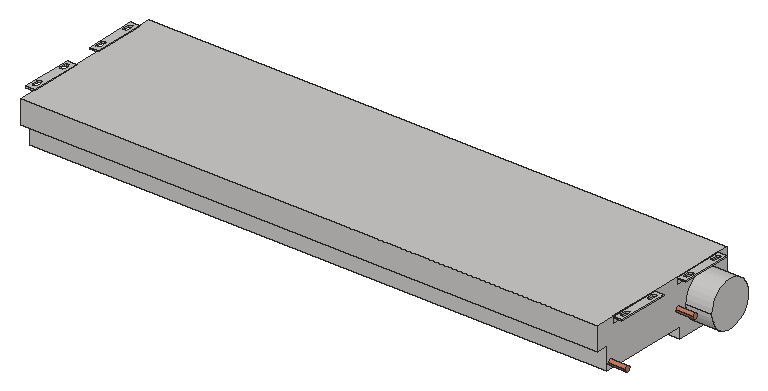
Revit family "HVAC-Chilled_Beam-Dadanco-ACB10", category Mechanical Equipment, Revit 2022
Family settings
  Round Connector Dimension = Use Radius
  Part Type = Normal
  OmniClass Number = 23.75.70.17.31
  OmniClass Title = Induction Units
  Work Plane-Based = No
  Always vertical = Yes
  Cut with Voids When Loaded = No
  Maintain Annotation Orientation = No
  Shared = No
  Room Calculation Point = No
Parameters (values of type "6' Nominal Length")
  Zone Name [instance] = ""
  Zone ID [instance] = ""
  Unit Width = 17 105/128"  # constant formula
  Unit Weight = if(Nominal Unit Length = 24", "27 lb", if(Nominal Unit Length = 36", "35 lb", if(Nominal Unit Length = 48", "42 lb", if(Nominal Unit Length = 60", "49 lb", if(Nominal Unit Length = 72", "56 lb", if(Nominal Unit Length = 84", "63 lb", if(Nominal Unit Length = 96", "70 lb", "0 lb")))))))  # "56 lb"
  Unit Tag = ""
  Unit Length = if(Nominal Unit Length = 24", 24", if(Nominal Unit Length = 36", 32", if(Nominal Unit Length = 48", 40", if(Nominal Unit Length = 60", 52", if(Nominal Unit Length = 72", 64", if(Nominal Unit Length = 84", 76", if(Nominal Unit Length = 96", 88", 12")))))))  # 64"
  Unit Height = 6 45/128"  # constant formula
  URL = "http://www.dadanco.com/"
  Type Comments = "Horizonatally Mounted Induction Unit"
  Tube Material = Metal-Dadanco-Copper-Satin
  Total Cooling Capacity = 0.0 Btu/h
  Supply Air = 0 CFM
  Sound Level dBA = ""
  Sound Level NC = ""
  Secondary Air Sensible Heating = 0.0 Btu/h
  Secondary Air Sensible Cooling = 0.0 Btu/h
  SHHW Temperature = 0 °F
  SHHW Temp Out = 0 °F
  SHHW Pressure Drop [instance] = HWPD  # 0.00 ftH2O
  SHHW Flow [instance] = HWF  # 0.0 GPM
  SCHW Temperature = 0 °F
  SCHW Temp Out = 0 °F
  SCHW Pressure Drop [instance] = CWPD  # 0.00 ftH2O
  SCHW Flow [instance] = CWF  # 0.0 GPM
  Revision Date = "1/29/2025"  # constant formula
  Product Page URL = ""
  Primary Air Static Pressure [instance] = PASP  # 0.00 in-wg
  Primary Air Radius = Primary Air Inlet Size / 2  # 2"
  Primary Air Inlet Top [instance] = no
  Primary Air Inlet Size = 4"
  Primary Air Inlet Right [instance] = yes
  Primary Air Inlet Left [instance] = no
  Primary Air Inlet Bottom [instance] = no
  Primary Air Inlet Back [instance] = no
  Primary Air Flow Rate [instance] = PA  # 0 CFM
  PASP = 0.00 in-wg
  PA = 0 CFM
  Overall Unit Length = Unit Length + 4"  # 68"
  Nozzle Configuration = ""
  Nominal Unit Length = 72"
  Net Unit Heating Sensible = 0.0 Btu/h
  Net Unit Cooling Sensible = 0.0 Btu/h
  Model Number = ""
  Latent Cooling = 0.0 Btu/h
  Keynote = "23 37 00.A1"
  Heating Supply Air Temperature = 0 °F
  Heating Room Dry Bulb = 0 °F
  Heating Primary Air Wet Bulb = 0 °F
  Heating Primary Air Dry Bulb = 0 °F
  HWPD = 0.00 ftH2O
  HWF = 0.0 GPM
  Default Elevation = 0"
  Cooling Supply Air Temperature = 0 °F
  Cooling Room Relative Humidity = 0
  Cooling Room Dry Bulb = 0 °F
  Cooling Primary Air Wet Bulb = 0 °F
  Cooling Primary Air Dry Bulb = 0 °F
  CWPD = 0.00 ftH2O
  CWF = 0.0 GPM
  Documentation Link = "https://www.dadanco.com/acb10"
  Coil Connection Right [instance] = yes
  Coil Connection Left [instance] = not(Coil Connection Right)  # no
  Model = "ACB10"  # constant formula
  Manufacturer = "Dadanco"  # constant formula
  Housing Material = Metal-Dadanco-Steel-Galvanized
  Description = "Active Chilled Beam"  # constant formula
  Architectural Design Manual = ""
  4 Pipe Coil Configuration Right [instance] = and([4 Pipe Coil Configuration], Coil Connection Right)  # no
  4 Pipe Coil Configuration Left [instance] = and([4 Pipe Coil Configuration], Coil Connection Left)  # no
  4 Pipe Coil Configuration = if([2 or 4 pipe] = 4, 1 = 1, 1 = 0)  # no
  2 or 4 pipe = 2
  2 Pipe Coil Configuration = if([2 or 4 pipe] = 2, 1 = 1, 1 = 0)  # yes
  Assembly Code = "D3040100"
Types (8): name | Unit Weight | Unit Length | Type Comments | Overall Unit Length | Nominal Unit Length | Keynote
  (no name) | "56 lb" | 64" | "Horizonatally Mounted Induction Unit" | 68" | 72" | "23 37 00.A1"
  4' Nominal Length | "42 lb" | 40" | 0" | 44" | 48" | 0"
  3' Nominal Length | "35 lb" | 32" | "Horizonatally Mounted Induction Unit" | 36" | 36" | "23 37 00.A1"
  5' Nominal Length | "49 lb" | 52" | "Horizonatally Mounted Induction Unit" | 56" | 60" | "23 37 00.A1"
  6' Nominal Length | "56 lb" | 64" | "Horizonatally Mounted Induction Unit" | 68" | 72" | "23 37 00.A1"
  2' Nominal Length | "27 lb" | 24" | "Horizonatally Mounted Induction Unit" | 28" | 24" | "23 37 00.A1"
  7' Nominal Length | "63 lb" | 76" | "Horizonatally Mounted Induction Unit" | 80" | 84" | "23 37 00.A1"
  8' Nominal Length | "70 lb" | 88" | "Horizonatally Mounted Induction Unit" | 92" | 96" | "23 37 00.A1"
Reference planes (in)
  plane 1 "Center (Front/Back)": y = 5.39627
  plane 2 "Center of Unit Height": z = -2.44
  plane 3 "Center (Left/Right)": x = 0.55581
  plane 4 "Nominal Right": x = 33.55581
  plane 5 "Unit Front": y = -3.92389
  plane 6 "Top Face": z = 0
  plane 7 "Nominal Left": x = -32.44419
  plane 8 "Left Face": x = -31.44419
  plane 9 "Right Face": x = 32.55581
  plane 10 "Left End of Coil": x = -30.69419
  plane 11 "Drain Pan Left End": x = -17.44419
  plane 12 "Drain Pan Right End": x = 18.55581
  plane 13 "bottom of plenum": z = -6.35
  plane 14 "Back Bracket": y = 12.68611
  plane 15 "Unit Back": y = 13.88611
  plane 16 "outlet": z = -2.59
  plane 17 "CHW_lower": z = -4.3
  plane 18 "CHW_Upper": z = -3.22
  plane 19 "back center": z = -3.18
  plane 20 "End_air_hor_ctr": y = 10.66611
  plane 21 "E_air_ctr": y = 10.35611
  plane 22 "F_air_ctr": z = -4.1
  plane 23 "dp_ctr": y = 3.5209
  plane 24 "coils1": y = 7.05611
  plane 25 "coils2": y = 4.55611
  plane 26 "coils3": y = 0.18111
  plane 27 "coils 4": y = -2.31889
  plane 28 "D_air_ctr": y = 11.13611
  plane 29 "frnt_brkt": y = 3.88611
Forms (in)
  Extrusion 1, solid, material "Metal-Dadanco-Steel-Galvanized" <- "Housing Material"
    sketch origin (0.55581, 0, 0) x (0, 1, 0) y (0, 0, 1)
      loop
        line (-3.93022, 0) -> (-3.93022, -2.59) -> (-2.67389, -2.59) -> (-2.67389, -5.09) -> (7.44611, -5.09) -> (7.44611, -6.35) -> (13.88611, -6.35) -> (13.88611, 0) -> (-3.93022, 0)
    from -32 to 32
  Extrusion 2, solid, material "Metal-Dadanco-Steel-Galvanized" <- "Housing Material", visible <- "Primary Air Inlet Left"
    sketch origin (-31.44419, -5.36135, 35.24623) x (0, 1, 0) y (0, 0, 1)
      loop
        circle (16.02161, -38.44) r 2.5
    from -3 to 0
  Extrusion 3, solid, material "Metal-Dadanco-Steel-Galvanized" <- "Housing Material"
    sketch origin (32.55581, -5.37738, 35.24623) x (0, 1, 0) y (0, 0, -1)
      loop
        circle (16.02161, 38.44) r 2.5
    from -3 to 0
  Extrusion 4, solid, material "Metal-Dadanco-Copper-Satin" <- "Tube Material", visible <- "Coil Connection Left"
    sketch origin (-31.44419, -3.37276, 36) x (0, 1, 0) y (0, 0, 1)
      loop
        circle (10.44161, -40.3) r 0.25
    from -2.5 to 0
  Extrusion 5, solid, material "Metal-Dadanco-Copper-Satin" <- "Tube Material", visible <- "4 Pipe Coil Configuration Left"
    sketch origin (-31.44419, -7.14674, 36) x (0, 1, 0) y (0, 0, 1)
      loop
        circle (11.69161, -40.3) r 0.25
    from -2.5 to 0
  Extrusion 6, solid, material "Metal-Dadanco-Copper-Satin" <- "Tube Material", visible <- "4 Pipe Coil Configuration Left"
    sketch origin (-31.44419, -10.25912, 36.00197) x (0, 1, 0) y (0, 0, 1)
      loop
        circle (10.44161, -40.3) r 0.25
    from -2.5 to 0
  Extrusion 7, solid, material "Metal-Dadanco-Copper-Satin" <- "Tube Material", visible <- "Coil Connection Left"
    sketch origin (-31.44419, -12.76417, 37.0748) x (0, 1, 0) y (0, 0, 1)
      loop
        circle (10.44161, -40.3) r 0.25
    from -2.5 to 0
  Extrusion 8, solid, material "Metal-Dadanco-Copper-Satin" <- "Tube Material", visible <- "Coil Connection Right"
    sketch origin (32.55581, -3.38221, 35.99294) x (0, 1, 0) y (0, 0, -1)
      loop
        circle (1.06161, 40.3) r 0.25
    from -2 to 0
  Extrusion 9, solid, material "Metal-Dadanco-Copper-Satin" <- "Tube Material", visible <- "4 Pipe Coil Configuration Right"
    sketch origin (32.55581, -0.88374, 37.07536) x (0, 1, 0) y (0, 0, -1)
      loop
        circle (1.06161, 40.3) r 0.25
    from -2 to 0
  Extrusion 10, solid, material "Metal-Dadanco-Copper-Satin" <- "Tube Material", visible <- "4 Pipe Coil Configuration Right"
    sketch origin (32.55581, 3.48326, 37.0942) x (0, 1, 0) y (0, 0, -1)
      loop
        circle (1.06161, 40.3) r 0.25
    from -2 to 0
  Extrusion 11, solid, material "Metal-Dadanco-Copper-Satin" <- "Tube Material", visible <- "Coil Connection Right"
    sketch origin (32.55581, 5.98042, 37.11266) x (0, 1, 0) y (0, 0, -1)
      loop
        circle (1.06161, 40.3) r 0.25
    from -2 to 0
  Extrusion 12, solid, material "Metal-Dadanco-Steel-Galvanized" <- "Housing Material", visible <- "Primary Air Inlet Top"
    sketch origin (0, 1.01865, 0) x (0, 1, 0) y (-1, 0, 0)
      loop
        circle (9.33611, -0.55581) r 3
    from 3 to 0
  Extrusion 13, solid, material "Metal-Dadanco-Steel-Galvanized" <- "Housing Material", visible <- "Primary Air Inlet Bottom"
    sketch origin (0, 0.65329, -6.35) x (0, 1, 0) y (-1, 0, 0)
      loop
        circle (10.47611, -0.55581) r 2.5
    from -3 to 0
  Extrusion 14, solid, material "Metal-Dadanco-Steel-Galvanized", not visible
    sketch origin (0, 13.88611, 0) x (0, 0, -1) y (-1, 0, 0)
      loop
        line (5.54, -0.55581) -> (5.54, 3.44419)
        arc (5.54, 3.44419) -> (4.1, 4.88419) -> (2.66, 3.44419) r 1.44
        line (2.66, 3.44419) -> (2.66, -0.55581) -> (2.66, -4.55581)
        arc (2.66, -4.55581) -> (4.1, -5.99581) -> (5.54, -4.55581) r 1.44
        line (5.54, -4.55581) -> (5.54, -0.55581)
    from 0 to 3.375
Lines and regions (in)
  Masking region 1, visible <- "Coil Connection Right", detail levels medium+fine
    outline origin (0, 0, -4.9) x (0, -1, 0) y (1, 0, 0)
      loop
        line (3.29889, 34.05581) -> (3.29889, 33.55581) -> (3.79126, 33.55581) -> (3.79126, 34.05581) -> (3.29889, 34.05581)
  Masking region 2, visible <- "4 Pipe Coil Configuration Right", detail levels medium+fine
    outline origin (0, 0, -4.9) x (0, -1, 0) y (1, 0, 0)
      loop
        line (0.17389, 34.05581) -> (0.17389, 33.55581) -> (0.67745, 33.55581) -> (0.67745, 34.05581) -> (0.17389, 34.05581)
  Masking region 3, visible <- "4 Pipe Coil Configuration Right", detail levels medium+fine
    outline origin (0, 0, -4.9) x (0, -1, 0) y (1, 0, 0)
      loop
        line (-3.98611, 34.05581) -> (-3.98611, 32.55581) -> (-3.48248, 32.55581) -> (-3.48248, 34.05581) -> (-3.98611, 34.05581)
  Masking region 4, visible <- "Coil Connection Right", detail levels medium+fine
    outline origin (0, 0, -4.9) x (0, -1, 0) y (1, 0, 0)
      loop
        line (-6.36111, 34.05581) -> (-6.36111, 32.55581) -> (-5.86084, 32.55581) -> (-5.86084, 34.05581) -> (-6.36111, 34.05581)
  Masking region 5, visible <- "Coil Connection Left", detail levels medium+fine
    outline origin (0, 0, -4.9) x (0, -1, 0) y (1, 0, 0)
      loop
        line (3.79889, -32.94419) -> (3.79889, -32.44419) -> (3.30006, -32.44419) -> (3.30006, -32.94419) -> (3.79889, -32.94419)
  Masking region 6, visible <- "4 Pipe Coil Configuration Left", detail levels medium+fine
    outline origin (0, 0, -4.9) x (0, -1, 0) y (1, 0, 0)
      loop
        line (0.67389, -32.94419) -> (0.67389, -32.44419) -> (0.174, -32.44419) -> (0.174, -32.94419) -> (0.67389, -32.94419)
  Masking region 7, visible <- "4 Pipe Coil Configuration Left", detail levels medium+fine
    outline origin (0, 0, -4.9) x (0, -1, 0) y (1, 0, 0)
      loop
        line (-3.48611, -32.94419) -> (-3.48611, -31.44419) -> (-3.98611, -31.44419) -> (-3.98611, -32.94419) -> (-3.48611, -32.94419)
  Masking region 8, visible <- "Coil Connection Left", detail levels medium+fine
    outline origin (0, 0, -4.9) x (0, -1, 0) y (1, 0, 0)
      loop
        line (-5.86111, -32.94419) -> (-5.86111, -31.44419) -> (-6.36111, -31.44419) -> (-6.36111, -32.94419) -> (-5.86111, -32.94419)
  Masking region 9, visible <- "Primary Air Inlet Left", detail levels medium+fine
    outline origin (0, 11.55643, 0) x (-1, 0, 0) y (0, 0, 1)
      loop
        line (18.44419, -4.44) -> (31.44419, -4.44) -> (31.44419, -0.44) -> (18.44419, -0.44) -> (18.44419, -4.44)
  Masking region 10, visible <- "Coil Connection Right", detail levels medium+fine
    outline origin (0, 6.11111, 0) x (0, 0, 1) y (1, 0, 0)
      loop
        line (-5.75, 34.05581) -> (-6.25168, 34.05581) -> (-6.25168, 32.55581) -> (-5.75, 32.55581) -> (-5.75, 34.05581)
  Masking region 11, visible <- "Coil Connection Right", detail levels medium+fine
    outline origin (0, 6.11111, 0) x (0, 0, 1) y (1, 0, 0)
      loop
        line (-4.65, 34.05581) -> (-5.14868, 34.05581) -> (-5.14868, 32.55581) -> (-4.65, 32.55581) -> (-4.65, 34.05581)
  Masking region 12, visible <- "Coil Connection Left", detail levels medium+fine
    outline origin (0, -3.13889, 0) x (0, 0, -1) y (1, 0, 0)
      loop
        line (5.15, -32.94419) -> (5.15, -31.44419) -> (4.64917, -31.44419) -> (4.64917, -32.94419) -> (5.15, -32.94419)
  Masking region 13, visible <- "Coil Connection Left", detail levels medium+fine
    outline origin (0, -3.13889, 0) x (0, 0, -1) y (1, 0, 0)
      loop
        line (6.25, -32.94419) -> (6.25, -31.44419) -> (5.74745, -31.44419) -> (5.74745, -32.94419) -> (6.25, -32.94419)
  symbolic lines, detail levels fine
    curve 1: arc (-32.25669, 11.93638, 0) -> (-32.00669, 12.18638, 0) -> (-31.75669, 11.93638, 0) r 0.25
    curve 2: line (-32.25669, 11.93638, 0) -> (-32.25669, 11.43638, 0)
    curve 3: arc (-31.75669, 11.43638, 0) -> (-32.00669, 11.18638, 0) -> (-32.25669, 11.43638, 0) r 0.25
    curve 4: line (-31.75669, 11.43638, 0) -> (-31.75669, 11.93638, 0)
    curve 5: arc (-32.25669, 8.18638, 0) -> (-32.00669, 8.43638, 0) -> (-31.75669, 8.18638, 0) r 0.25
    curve 6: arc (-31.75669, 7.68638, 0) -> (-32.00669, 7.43638, 0) -> (-32.25669, 7.68638, 0) r 0.25
    curve 7: line (-31.75669, 7.68638, 0) -> (-31.75669, 8.18638, 0)
    curve 8: line (-32.25669, 8.18638, 0) -> (-32.25669, 7.68638, 0)
    curve 9: arc (-32.25669, 3.13, 0) -> (-32.00669, 3.38, 0) -> (-31.75669, 3.13, 0) r 0.25
    curve 10: arc (-31.75669, 2.63, 0) -> (-32.00669, 2.38, 0) -> (-32.25669, 2.63, 0) r 0.25
    curve 11: line (-31.75669, 2.63, 0) -> (-31.75669, 3.13, 0)
    curve 12: line (-32.25669, 3.13, 0) -> (-32.25669, 2.63, 0)
    curve 13: arc (-32.25669, -0.62, 0) -> (-32.00669, -0.37, 0) -> (-31.75669, -0.62, 0) r 0.25
    curve 14: arc (-31.75669, -1.12, 0) -> (-32.00669, -1.37, 0) -> (-32.25669, -1.12, 0) r 0.25
    curve 15: line (-31.75669, -1.12, 0) -> (-31.75669, -0.62, 0)
    curve 16: line (-32.25669, -0.62, 0) -> (-32.25669, -1.12, 0)
    curve 17: arc (32.86831, -0.62, 0) -> (33.11831, -0.37, 0) -> (33.36831, -0.62, 0) r 0.25
    curve 18: arc (33.36831, -1.12, 0) -> (33.11831, -1.37, 0) -> (32.86831, -1.12, 0) r 0.25
    curve 19: line (33.36831, -1.12, 0) -> (33.36831, -0.62, 0)
    curve 20: line (32.86831, -0.62, 0) -> (32.86831, -1.12, 0)
    curve 21: arc (32.86831, 3.13, 0) -> (33.11831, 3.38, 0) -> (33.36831, 3.13, 0) r 0.25
    curve 22: arc (33.36831, 2.63, 0) -> (33.11831, 2.38, 0) -> (32.86831, 2.63, 0) r 0.25
    curve 23: line (32.86831, 3.13, 0) -> (32.86831, 2.63, 0)
    curve 24: line (33.36831, 2.63, 0) -> (33.36831, 3.13, 0)
    curve 25: arc (32.86831, 11.93638, 0) -> (33.11831, 12.18638, 0) -> (33.36831, 11.93638, 0) r 0.25
    curve 26: arc (33.36831, 11.43638, 0) -> (33.11831, 11.18638, 0) -> (32.86831, 11.43638, 0) r 0.25
    curve 27: line (33.36831, 11.43638, 0) -> (33.36831, 11.93638, 0)
    curve 28: line (32.86831, 11.93638, 0) -> (32.86831, 11.43638, 0)
    curve 29: arc (32.86831, 8.18638, 0) -> (33.11831, 8.43638, 0) -> (33.36831, 8.18638, 0) r 0.25
    curve 30: arc (33.36831, 7.68638, 0) -> (33.11831, 7.43638, 0) -> (32.86831, 7.68638, 0) r 0.25
    curve 31: line (33.36831, 7.68638, 0) -> (33.36831, 8.18638, 0)
    curve 32: line (32.86831, 8.18638, 0) -> (32.86831, 7.68638, 0)
    curve 41: line (33.55581, -3.92389, 0) -> (33.55581, -3.92389, -0.125)
    curve 42: line (33.55581, -3.92389, -0.125) -> (32.68081, -3.92389, -0.125)
    curve 43: line (32.68081, -3.92389, -0.125) -> (32.68081, -3.92389, -0.625)
    curve 44: line (32.68081, -3.92389, -0.625) -> (32.55581, -3.92389, -0.625)
    curve 46: line (-32.44419, -3.92389, 0) -> (-32.44419, -3.92389, -0.125)
    curve 47: line (-32.44419, -3.92389, -0.125) -> (-31.56919, -3.92389, -0.125)
    curve 48: line (-31.56919, -3.92389, -0.125) -> (-31.56919, -3.92389, -0.625)
    curve 49: line (-31.56919, -3.92389, -0.625) -> (-31.44419, -3.92389, -0.625)
  symbolic lines, not visible, detail levels medium+fine
    curve 33: line (18.55581, -5.51389, -13.15156) -> (19.75581, -5.51389, -13.15156)
    curve 36: arc (33.30581, -5.51389, -13.97656) -> (33.55581, -5.51389, -13.72656) -> (33.80581, -5.51389, -13.97656) r 0.25
    curve 37: arc (33.80581, -5.51389, -13.97656) -> (33.55581, -5.51389, -14.22656) -> (33.30581, -5.51389, -13.97656) r 0.25
    curve 38: arc (-16.69419, 8.48611, -13.96023) -> (-16.44419, 8.48611, -13.71023) -> (-16.19419, 8.48611, -13.96023) r 0.25
    curve 39: arc (-16.19419, 8.48611, -13.96023) -> (-16.44419, 8.48611, -14.21023) -> (-16.69419, 8.48611, -13.96023) r 0.25
  symbolic lines, not visible, detail levels fine
    curve 34: line (19.75581, -5.51389, -13.15156) -> (19.75581, -5.51389, -13.27656)
    curve 35: line (19.75581, -5.51389, -13.27656) -> (18.55581, -5.51389, -13.27656)
  symbolic lines, detail levels medium+fine
    curve 40: line (32.55581, -3.92389, 0) -> (33.55581, -3.92389, 0)
    curve 45: line (-31.44419, -3.92389, 0) -> (-32.44419, -3.92389, 0)
  model lines
    curve 50: line (-31.44419, 6.48611, -2.59) -> (-31.44419, -3.92389, -2.59)
    curve 51: line (32.55581, -3.92389, -2.59) -> (32.55581, 6.48611, -2.59)
    curve 52: line (-31.44419, -3.92389, -2.59) -> (32.55581, -3.92389, -2.59)
Dimensions and locks (in)
  "Unit Length": plane 8 "Left Face" to plane 9 "Right Face"
  equal spacing: plane 8 "Left Face", plane 3 "Center (Left/Right)", plane 9 "Right Face"
  locked: plane 7 "Nominal Left" to plane 8 "Left Face" at 1
  locked: plane 9 "Right Face" to plane 4 "Nominal Right" at 1
  locked: plane 8 "Left Face" to plane 10 "Left End of Coil" at 0.75
  plane 6 "Top Face" to plane 2 "Center of Unit Height" = 2.44"
  locked: plane 11 "Drain Pan Left End" to plane 12 "Drain Pan Right End" at 36
  equal spacing: plane 11 "Drain Pan Left End", plane 3 "Center (Left/Right)", plane 12 "Drain Pan Right End"
  Masking region 1 sketch curve to Masking region 1 sketch curve = 0.49237"
  Masking region 2 sketch curve to Masking region 2 sketch curve = 0.50356"
  Masking region 3 sketch curve to Masking region 3 sketch curve = 0.50363"
  Masking region 4 sketch curve to Masking region 4 sketch curve = 0.50027"
  Masking region 5 sketch curve to Masking region 5 sketch curve = 0.49883"
  Masking region 6 sketch curve to Masking region 6 sketch curve = 0.49989"
  Masking region 7 sketch curve to Masking region 7 sketch curve = 1/2"
  Masking region 8 sketch curve to Masking region 8 sketch curve = 1/2"
  locked: plane 2 "Center of Unit Height" to Masking region 9 sketch curve at 2
  locked: Masking region 9 sketch curve to plane 2 "Center of Unit Height" at 2
  Masking region 10 sketch curve to Masking region 10 sketch curve = 0.50168"
  Masking region 11 sketch curve to Masking region 11 sketch curve = 0.49868"
  Masking region 12 sketch curve to Masking region 12 sketch curve = 0.50083"
  Masking region 13 sketch curve to Masking region 13 sketch curve = 0.50255"
  locked: Extrusion 1 to plane 4 "Nominal Right" at 1
  aligned and locked: level to plane 6 "Top Face"
  aligned and locked: Extrusion 1 to plane 8 "Left Face"
  aligned and locked: plane 4 "Nominal Right" to Masking region 1 sketch curve
  aligned and locked: plane 4 "Nominal Right" to Masking region 2 sketch curve
  aligned and locked: plane 9 "Right Face" to Masking region 3 sketch curve
  aligned and locked: plane 9 "Right Face" to Masking region 4 sketch curve
  aligned and locked: plane 7 "Nominal Left" to Masking region 5 sketch curve
  aligned and locked: plane 7 "Nominal Left" to Masking region 6 sketch curve
  aligned and locked: plane 8 "Left Face" to Masking region 7 sketch curve
  aligned and locked: curve 1 to nested 3
  aligned and locked: curve 3 to nested 3
  aligned and locked: curve 5 to nested 3
  aligned and locked: curve 6 to nested 3
  aligned and locked: curve 9 to nested 4
  aligned and locked: curve 10 to nested 4
  aligned and locked: curve 13 to nested 4
  aligned and locked: curve 14 to nested 4
  aligned and locked: curve 17 to nested 2
  aligned and locked: curve 18 to nested 2
  aligned and locked: curve 21 to nested 2
  aligned and locked: curve 22 to nested 2
  aligned and locked: curve 25 to nested 1
  aligned and locked: curve 26 to nested 1
  aligned and locked: curve 29 to nested 1
  aligned and locked: curve 30 to nested 1
  aligned and locked: plane 8 "Left Face" to Masking region 9 sketch curve
  aligned and locked: plane 9 "Right Face" to Masking region 10 sketch curve
  aligned and locked: plane 9 "Right Face" to Masking region 11 sketch curve
  aligned and locked: curve 43 to nested 2
  aligned and locked: plane 8 "Left Face" to Masking region 12 sketch curve
  aligned and locked: plane 8 "Left Face" to Masking region 13 sketch curve
  aligned and locked: nested 1 to plane 9 "Right Face"
  aligned and locked: nested 2 to plane 9 "Right Face"
  aligned and locked: nested 4 to plane 8 "Left Face"
  aligned and locked: nested 3 to plane 8 "Left Face"
Automatic sketch dimensions
  curve 50 to plane 5 "Unit Front" = 0"
  curve 50 to plane 16 "outlet" = 0"
  curve 50 to plane 1 "Center (Front/Back)" = 1 23/256"
  curve 40 to level = 0"
  plane 4 "Nominal Right" to curve 40 = 0"
  plane 9 "Right Face" to curve 40 = 0"
  plane 9 "Right Face" to curve 44 = 0"
  plane 9 "Right Face" to curve 52 = 0"
  curve 52 to plane 8 "Left Face" = 0"
  curve 49 to plane 8 "Left Face" = 0"
  curve 45 to level = 0"
  curve 45 to plane 8 "Left Face" = 0"
  curve 46 to plane 7 "Nominal Left" = 0"
  curve 52 to plane 16 "outlet" = 0"
  plane 8 "Left Face" to curve 49 = 1/8"
  level to curve 48 = 5/8"
  level to curve 44 = 5/8"
  level to curve 43 = 1/8"
  level to curve 48 = 1/8"
  curve 51 to plane 5 "Unit Front" = 0"
  curve 51 to plane 16 "outlet" = 0"
  plane 1 "Center (Front/Back)" to curve 51 = 1 23/256"
  level to Extrusion 1 sketch curve = 0"
  Extrusion 1 sketch curve to plane 16 "outlet" = 0"
  Extrusion 1 sketch curve to plane 13 "bottom of plenum" = 0"
  Extrusion 1 sketch curve to plane 15 "Unit Back" = 0"
  Extrusion 1 sketch curve to plane 17 "CHW_lower" = 0.79"
  Extrusion 1 sketch curve to plane 1 "Center (Front/Back)" = 2.04984"
  Extrusion 1 sketch curve to plane 5 "Unit Front" = 1 1/4"
  plane 5 "Unit Front" to Extrusion 1 sketch curve = 0.00634"
  Masking region 1 sketch curve to plane 5 "Unit Front" = 5/8"
  Masking region 1 sketch curve to Masking region 1 sketch curve = 1/2"
  Masking region 2 sketch curve to plane 23 "dp_ctr" = 3.69479"
  Masking region 2 sketch curve to Masking region 2 sketch curve = 1/2"
  plane 23 "dp_ctr" to Masking region 3 sketch curve = 0.46521"
  Masking region 3 sketch curve to plane 4 "Nominal Right" = 1/2"
  Masking region 4 sketch curve to plane 1 "Center (Front/Back)" = 247/256"
  Masking region 4 sketch curve to plane 4 "Nominal Right" = 1/2"
  Masking region 5 sketch curve to plane 5 "Unit Front" = 0.62383"
  Masking region 5 sketch curve to plane 7 "Nominal Left" = 1/2"
  Masking region 6 sketch curve to plane 7 "Nominal Left" = 1/2"
  Masking region 6 sketch curve to plane 23 "dp_ctr" = 3.6949"
  plane 23 "dp_ctr" to Masking region 7 sketch curve = 0.46521"
  Masking region 7 sketch curve to plane 7 "Nominal Left" = 1/2"
  Masking region 8 sketch curve to plane 8 "Left Face" = 0"
  Masking region 8 sketch curve to plane 1 "Center (Front/Back)" = 247/256"
  Masking region 8 sketch curve to plane 7 "Nominal Left" = 1/2"
  plane 11 "Drain Pan Left End" to Masking region 9 sketch curve = 1"
  curve 36 to curve 37 = 0"  (x2)
  curve 33 to plane 12 "Drain Pan Right End" = 0"
  curve 35 to plane 12 "Drain Pan Right End" = 0"
  plane 4 "Nominal Right" to curve 36 = 0"
  curve 35 to curve 35 = 1.2"
  curve 36 to plane 13 "bottom of plenum" = 7.62656"
  curve 37 to curve 35 = 0.7"
  curve 34 to curve 33 = 1/8"
  curve 37 to plane 4 "Nominal Right" = 1/4"
  plane 13 "bottom of plenum" to Masking region 10 sketch curve = 0.09832"
  Masking region 10 sketch curve to plane 4 "Nominal Right" = 1/2"
  Masking region 11 sketch curve to plane 17 "CHW_lower" = 0.84868"
  Masking region 11 sketch curve to plane 4 "Nominal Right" = 1/2"
  Masking region 12 sketch curve to plane 17 "CHW_lower" = 0.34917"
  Masking region 12 sketch curve to plane 7 "Nominal Left" = 1/2"
  plane 13 "bottom of plenum" to Masking region 13 sketch curve = 0.60255"
  Masking region 13 sketch curve to plane 7 "Nominal Left" = 1/2"
  plane 20 "End_air_hor_ctr" to Extrusion 2 sketch curve = 0.00585"
  Extrusion 2 sketch curve to plane 19 "back center" = 0.01377"
  Extrusion 3 sketch curve to plane 20 "End_air_hor_ctr" = 0.02189"
  plane 19 "back center" to Extrusion 3 sketch curve = 0.01377"
  Extrusion 4 sketch curve to plane 17 "CHW_lower" = 0"
  Extrusion 4 sketch curve to plane 1 "Center (Front/Back)" = 1.67258"
  Extrusion 5 sketch curve to plane 17 "CHW_lower" = 0"
  plane 23 "dp_ctr" to Extrusion 5 sketch curve = 1.02397"
  plane 17 "CHW_lower" to Extrusion 6 sketch curve = 0.00197"
  Extrusion 6 sketch curve to plane 5 "Unit Front" = 4.10638"
  Extrusion 7 sketch curve to plane 18 "CHW_Upper" = 0.0052"
  Extrusion 7 sketch curve to plane 5 "Unit Front" = 1.60132"
  plane 17 "CHW_lower" to Extrusion 8 sketch curve = 0.00706"
  plane 5 "Unit Front" to Extrusion 8 sketch curve = 1.60329"
  plane 18 "CHW_Upper" to Extrusion 9 sketch curve = 0.00464"
  plane 5 "Unit Front" to Extrusion 9 sketch curve = 4.10176"
  Extrusion 10 sketch curve to plane 18 "CHW_Upper" = 0.0142"
  Extrusion 10 sketch curve to plane 23 "dp_ctr" = 1.02397"
  Extrusion 11 sketch curve to plane 18 "CHW_Upper" = 0.03266"
  plane 1 "Center (Front/Back)" to Extrusion 11 sketch curve = 1.64576"
  Extrusion 12 sketch curve to plane 3 "Center (Left/Right)" = 0"
  plane 21 "E_air_ctr" to Extrusion 12 sketch curve = 0.00135"
  Extrusion 13 sketch curve to plane 3 "Center (Left/Right)" = 0"
  Extrusion 13 sketch curve to plane 21 "E_air_ctr" = 0.77329"
  Extrusion 14 sketch curve to plane 3 "Center (Left/Right)" = 0"  (x2)
  Extrusion 14 sketch curve to plane 22 "F_air_ctr" = 0"
  Extrusion 14 sketch curve to plane 16 "outlet" = 0.07"
  plane 3 "Center (Left/Right)" to Extrusion 14 sketch curve = 4"
  Extrusion 14 sketch curve to plane 3 "Center (Left/Right)" = 4"
  radius of Extrusion 2 sketch curve = 2 1/2"
  radius of Extrusion 3 sketch curve = 2 1/2"
  radius of Extrusion 4 sketch curve = 1/4"
  radius of Extrusion 5 sketch curve = 1/4"
  radius of Extrusion 6 sketch curve = 1/4"
  radius of Extrusion 7 sketch curve = 1/4"
  radius of Extrusion 8 sketch curve = 1/4"
  radius of Extrusion 9 sketch curve = 1/4"
  radius of Extrusion 10 sketch curve = 1/4"
  radius of Extrusion 11 sketch curve = 1/4"
  radius of Extrusion 12 sketch curve = 3"
  radius of Extrusion 13 sketch curve = 2 1/2"
Nested families (in)
  nested 1: "HVAC-Chilled_Beam-Dadanco-ACB_Bracket" at (32.55581, 9.81138, 0) x (1, 0, 0) z (0, -1, 0), type "L Bracket", detail levels medium+fine
  nested 2: "HVAC-Chilled_Beam-Dadanco-ACB_Bracket" at (32.55581, 1.005, 0) x (1, 0, 0) z (0, -1, 0), type "L Bracket", detail levels medium+fine
  nested 3: "HVAC-Chilled_Beam-Dadanco-ACB_Bracket" at (-31.44419, 9.81138, 0) x (-1, 0, 0) z (0, 1, 0), type "L Bracket", detail levels medium+fine
  nested 4: "HVAC-Chilled_Beam-Dadanco-ACB_Bracket" at (-31.44419, 1.005, 0) x (-1, 0, 0) z (0, 1, 0), type "L Bracket", detail levels medium+fine
Connectors (in)
  hvac at (-34.44419, 10.66026, -3.19377), driven by "Primary Air Static Pressure", driven by "Primary Air Flow Rate", driven by "Primary Air Radius"
    settings: on Extrusion 2, index 16, duct flow 0 CFM, flow factor 0, pres drop 0.00 in-wg, loss coef 0, conn angle 0.00°, conn width 12", conn height 12", conn diameter 4", duct sys type 1, conn prof type 0, flow config 1, flow direction 1, loss method 4, conn ref index -1, conn util no, is conn primary yes, conn desc "Primary air left"
  hvac at (0.55581, 10.35477, 3), driven by "Primary Air Static Pressure", driven by "Primary Air Flow Rate", driven by "Primary Air Radius"
    settings: on Extrusion 12, index 17, duct flow 0 CFM, flow factor 0, pres drop 0.00 in-wg, loss coef 0, conn angle 0.00°, conn width 12", conn height 12", conn diameter 4", duct sys type 1, conn prof type 0, flow config 1, flow direction 1, loss method 4, conn ref index -1, conn util no, is conn primary no, conn desc "primary air top"
  hvac at (35.55581, 10.64423, -3.19377), driven by "Primary Air Static Pressure", driven by "Primary Air Flow Rate", driven by "Primary Air Radius"
    settings: on Extrusion 3, index 19, duct flow 0 CFM, flow factor 0, pres drop 0.00 in-wg, loss coef 0, conn angle 0.00°, conn width 12", conn height 12", conn diameter 4", duct sys type 1, conn prof type 0, flow config 1, flow direction 1, loss method 4, conn ref index -1, conn util no, is conn primary no, conn desc "primary air right"
  piping at (34.55581, -2.3206, -4.30706), diameter 0.5, driven by "SCHW Flow", driven by "SCHW Pressure Drop"
    settings: on Extrusion 8, index 20, connector inside diameter 24", connector length 0", flow factor 0, pipe flow 0.0 GPM, pressure drop 0.00 ftH2O, fitting loss kfactor 0, connector angle 0.00°, fixture units 0, engagement length 0", angle of deflection 0.00°, flow configuration 1, flow direction 1, fitting loss method 4, system type 7, joint type 0, gender type 0, connector reference index -1, connector utility 0, adjustable connector no, is connector primary yes, connector description "chw in right"
  piping at (34.55581, 0.17787, -3.22464), diameter 0.5, driven by "SHHW Flow", driven by "SHHW Pressure Drop"
    settings: on Extrusion 9, index 21, connector inside diameter 24", connector length 0", flow factor 0, pipe flow 0.0 GPM, pressure drop 0.00 ftH2O, fitting loss kfactor 0, connector angle 0.00°, fixture units 0, engagement length 0", angle of deflection 0.00°, flow configuration 1, flow direction 1, fitting loss method 4, system type 7, joint type 0, gender type 0, connector reference index -1, connector utility 0, adjustable connector no, is connector primary no, connector description "HW supply right"
  piping at (34.55581, 4.54487, -3.2058), diameter 0.5, driven by "SHHW Flow", driven by "SHHW Pressure Drop"
    settings: on Extrusion 10, index 22, connector inside diameter 24", connector length 0", flow factor 0, pipe flow 0.0 GPM, pressure drop 0.00 ftH2O, fitting loss kfactor 0, connector angle 0.00°, fixture units 0, engagement length 0", angle of deflection 0.00°, flow configuration 1, flow direction 2, fitting loss method 4, system type 8, joint type 0, gender type 0, connector reference index -1, connector utility 0, adjustable connector no, is connector primary no, connector description "HW return right"
  piping at (34.55581, 7.04203, -3.18734), diameter 0.5, driven by "SCHW Flow", driven by "CWPD"
    settings: on Extrusion 11, index 23, connector inside diameter 24", connector length 0", flow factor 0, pipe flow 0.0 GPM, pressure drop 0.00 ftH2O, fitting loss kfactor 0, connector angle 0.00°, fixture units 0, engagement length 0", angle of deflection 0.00°, flow configuration 1, flow direction 2, fitting loss method 4, system type 8, joint type 0, gender type 0, connector reference index -1, connector utility 0, adjustable connector no, is connector primary no, connector description "chw return right"
  piping at (-33.94419, -2.32256, -3.2252), diameter 0.5, driven by "SCHW Flow", driven by "SCHW Pressure Drop"
    settings: on Extrusion 7, index 27, connector inside diameter 24", connector length 0", flow factor 0, pipe flow 0.0 GPM, pressure drop 0.00 ftH2O, fitting loss kfactor 0, connector angle 0.00°, fixture units 0, engagement length 0", angle of deflection 0.00°, flow configuration 1, flow direction 2, fitting loss method 4, system type 8, joint type 0, gender type 0, connector reference index -1, connector utility 0, adjustable connector no, is connector primary no, connector description "CHW return left"
  piping at (-33.94419, 7.06885, -4.3), diameter 0.5, driven by "SCHW Flow", driven by "SCHW Pressure Drop"
    settings: on Extrusion 4, index 28, connector inside diameter 24", connector length 0", flow factor 0, pipe flow 0.0 GPM, pressure drop 0.00 ftH2O, fitting loss kfactor 0, connector angle 0.00°, fixture units 0, engagement length 0", angle of deflection 0.00°, flow configuration 1, flow direction 1, fitting loss method 4, system type 7, joint type 0, gender type 0, connector reference index -1, connector utility 0, adjustable connector no, is connector primary no, connector description "chw supply left"
  piping at (-33.94419, 4.54487, -4.3), diameter 0.5, driven by "SHHW Flow", driven by "SHHW Pressure Drop"
    settings: on Extrusion 5, index 29, connector inside diameter 24", connector length 0", flow factor 0, pipe flow 0.0 GPM, pressure drop 0.00 ftH2O, fitting loss kfactor 0, connector angle 0.00°, fixture units 0, engagement length 0", angle of deflection 0.00°, flow configuration 1, flow direction 1, fitting loss method 4, system type 7, joint type 0, gender type 0, connector reference index -1, connector utility 0, adjustable connector no, is connector primary no, connector description "hw supply left"
  piping at (-33.94419, 0.18249, -4.29803), diameter 0.5, driven by "SHHW Flow", driven by "SHHW Pressure Drop"
    settings: on Extrusion 6, index 30, connector inside diameter 24", connector length 0", flow factor 0, pipe flow 0.0 GPM, pressure drop 0.00 ftH2O, fitting loss kfactor 0, connector angle 0.00°, fixture units 0, engagement length 0", angle of deflection 0.00°, flow configuration 1, flow direction 2, fitting loss method 4, system type 8, joint type 0, gender type 0, connector reference index -1, connector utility 0, adjustable connector no, is connector primary no, connector description "hw return left"
  hvac at (0.55581, 11.1294, -9.35), driven by "Primary Air Radius", driven by "PASP", driven by "PA"
    settings: on Extrusion 13, index 31, duct flow 0 CFM, flow factor 0, pres drop 0.00 in-wg, loss coef 0, conn angle 0.00°, conn width 12", conn height 12", conn diameter 4", duct sys type 1, conn prof type 0, flow config 1, flow direction 1, loss method 4, conn ref index -1, conn util no, is conn primary no, conn desc ""
  hvac at (0.55581, 17.26111, -4.1), driven by "Primary Air Radius", driven by "PASP", driven by "PA"
    settings: on Extrusion 14, index 32, duct flow 0 CFM, flow factor 0, pres drop 0.00 in-wg, loss coef 0, conn angle 0.00°, conn width 12", conn height 12", conn diameter 4", duct sys type 1, conn prof type 0, flow config 1, flow direction 1, loss method 4, conn ref index -1, conn util no, is conn primary no, conn desc ""
Definition of nested family "HVAC-Chilled_Beam-Dadanco-ACB_Bracket"
  Parameters
    Default Elevation = 0"
  Reference planes (in)
    plane 1 "Center (Front/Back)": y = 0
    plane 2: z = 0
    plane 3 "Center (Left/Right)": x = 0
  Forms (in)
    Extrusion 1, solid
      sketch origin (0, 0, 0) x (1, 0, 0) y (0, 1, 0)
        loop
          line (0, 0) -> (0, -0.625) -> (0.125, -0.625) -> (0.125, -0.125) -> (1, -0.125) -> (1, 0) -> (0, 0)
      from -2.875 to 2.875
    Extrusion 2, void
      sketch origin (0, 0, 0) x (1, 0, 0) y (0, 0, 1)
        loop
          arc (0.3125, 1.625) -> (0.5625, 1.375) -> (0.8125, 1.625) r 0.25
          line (0.8125, 1.625) -> (0.8125, 2.125)
          arc (0.8125, 2.125) -> (0.5625, 2.375) -> (0.3125, 2.125) r 0.25
          line (0.3125, 2.125) -> (0.3125, 1.625)
      from 0 to 0.125
    Extrusion 3, void
      sketch origin (0, 0, 0) x (1, 0, 0) y (0, 0, 1)
        loop
          line (0.3125, -1.625) -> (0.3125, -2.125)
          arc (0.3125, -2.125) -> (0.5625, -2.375) -> (0.8125, -2.125) r 0.25
          line (0.8125, -2.125) -> (0.8125, -1.625)
          arc (0.8125, -1.625) -> (0.5625, -1.375) -> (0.3125, -1.625) r 0.25
      from 0 to 0.125
  Cuts and joins
    Extrusion 2, Extrusion 3 cuts Extrusion 1
  Lines and regions (in)
    reference lines
      curve 1: line (-9.25507, 0, 2.875) -> (12.49493, 0, 2.875)
      curve 2: line (-9.25507, 0, -2.875) -> (13.49493, 0, -2.875)
  Dimensions and locks (in)
    locked: plane 3 "Center (Left/Right)" to Extrusion 1 sketch curve at 1
    locked: Extrusion 1 sketch curve to Extrusion 1 sketch curve at 0.125  (x2)
    locked: plane 1 "Center (Front/Back)" to Extrusion 1 sketch curve at 0.625
    locked: level to curve 2 at 2.875
    locked: curve 1 to level at 2.875
    aligned and locked: Extrusion 1 to curve 1
    aligned and locked: curve 2 to Extrusion 1
    aligned and locked: Extrusion 2 to plane 1 "Center (Front/Back)"
    aligned and locked: Extrusion 1 to Extrusion 2
